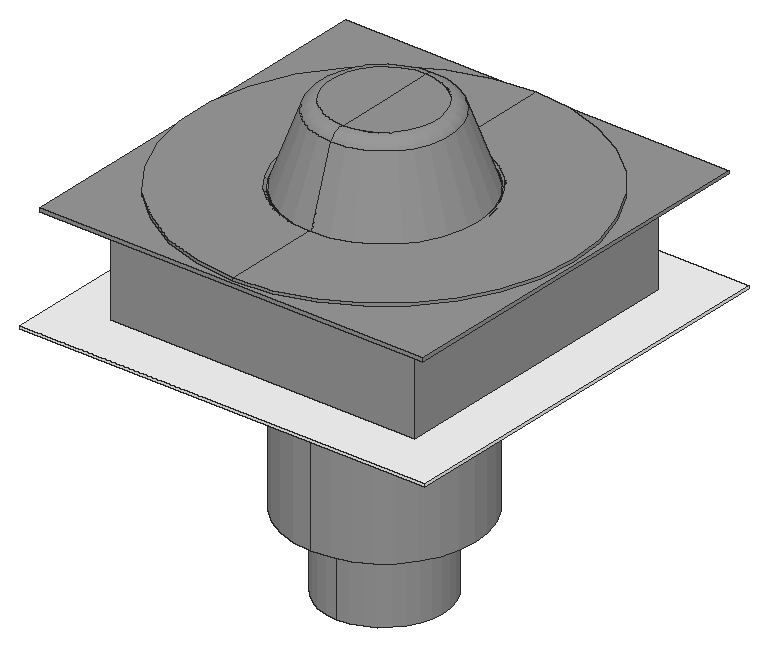
Revit family "HL_Dachablauf_HL63P-B-221103", category Instalační zařizovací předměty, Revit 2021
Family settings
  Kóta kulaté spojky = Použít průměr
  Typ dílu = Normální
  Číslo OmniClass = 23.70.50.21.24.14
  Nadpis OmniClass = Deck Waste Water Drains
  Založené na pracovní rovině = Ne
  Vždy vertikální = Ano
  Ořezat dutým tvarem při načtení = Ne
  Sdílené = Ne
  Bod výpočtu místnosti = Ano
Parameters (values of type "HL_Dachablauf_HL63P_1")
  Výchozí výška = 0 mm
  Výrobce = "HL Hutterer & Lechner GmbH"  # constant formula
  VOLUMENSTROM [instance] = 0.0 L/s
  URL = "http://www.hutterer-lechner.com/de/products/catalog/roof-drains/HL63P/1.aspx"
  RECHTSAUSKUNFT = "Urheberrechte (©), Designrechte und alle anderen Rechte am geistigen Eigentum, sind ausschließlich Eigentum der Firma HL Hutterer&Lechner GmbH. Änderungen sind nicht gestattet. Die Familien (Teile) sind mit Wasserzeichen geschützt."
  MATERIAL = "PP/PVC"
  LEISTUNG = "5,82 l/s"
  GEWICHT = "2,8 [kg]"
  EINLAUFROST = "Laubfangkorb d 145 mm"
  EINBAUHÖHE = "266-326 mm"
  EAN = "9003076816347"
  DURCHMESSER = 110 mm
  DIMENSION = "DN110"
  Abdeckung Material [instance] = none
  Přípoj ventilace = no
  Přípoj odpadních dílů = yes
  Přípoj HW = no
  Přípoj CW = no
  Popis = "Dachabläufe"
  Model = "HL63P_1"
  Assembly Code = " "
  Komentáře k typům = "HL63P/1 Dachablauf DrainBox DN110 mit PVC_Kragen,"
  Keynote = "HL63P_1"
  Einbauhöhe [instance] = 100 mm
  G [instance] = 180.00°  # constant formula
  D [instance] = 236 mm  # constant formula
  C [instance] = if(Einbauhöhe - 68 mm < 0 mm, 0 mm, Einbauhöhe - 68 mm)  # 32 mm
  B [instance] = 100 mm  # constant formula
  A [instance] = if(B - 100 mm > 15 mm, B - 100 mm, 15 mm)  # 15 mm
Types (4, lengths in mm): name | URL | LEISTUNG | GEWICHT | EAN | DURCHMESSER | DIMENSION | Model | Komentáře k typům | Keynote
  (no name) | "http://www.hutterer-lechner.com/de/products/catalog/roof-drains/HL63P/7.aspx" | "6,48 l/s" | "2,78 [kg]" | "9003076806348" | 75 | "DN75" | "HL63P_7" | "HL63P/7 Dachablauf DrainBox DN75 mit PVC_Kragen," | "HL63P_7"
  HL_Dachablauf_HL63P_1 | "http://www.hutterer-lechner.com/de/products/catalog/roof-drains/HL63P/1.aspx" | "5,82 l/s" | "2,8 [kg]" | "9003076816347" | 110 | "DN110" | "HL63P_1" | "HL63P/1 Dachablauf DrainBox DN110 mit PVC_Kragen," | "HL63P_1"
  HL_Dachablauf_HL63P_2 | "http://www.hutterer-lechner.com/de/products/catalog/roof-drains/HL63P/2.aspx" | "9,25 l/s" | "2,82 [kg]" | "9003076826346" | 125 | "DN125" | "HL63P_2" | "HL63P/2 Dachablauf DrainBox DN125 mit PVC_Kragen," | "HL63P_2"
  HL_Dachablauf_HL63P_7 | "http://www.hutterer-lechner.com/de/products/catalog/roof-drains/HL63P/7.aspx" | "6,48 l/s" | "2,78 [kg]" | "9003076806348" | 75 | "DN75" | "HL63P_7" | "HL63P/7 Dachablauf DrainBox DN75 mit PVC_Kragen," | "HL63P_7"
Reference planes
  plane 1 "Center (Front/Back)": y = 0
  plane 2: z = 0
  plane 3 "Center (Left/Right)": x = 0
  plane 4: z = -100
  plane 5: z = -100
Lines and regions (mm)
  model lines, style "InvisibleLines"
    curve 1: line (0, 0, 0) -> (0, 0, 20)
  model lines, style "PlumbingFixtures", detail levels coarse+medium
    curve 2: line (0, 0, -100) -> (0, 0, -85)
    curve 3: line (0, 0, -85) -> (-85, 0, 0)
    curve 4: line (0, 0, -85) -> (85, 0, 0)
    curve 6: line (0, 0, -100) -> (0, 0, -336)
  reference lines, not visible
    curve 5: line (0, 0, -100) -> (0, 0, -336)
  symbolic lines, style "PlumbingFixtures", detail levels coarse+medium
    curve 7: line (-75, 75, 0) -> (75, 75, 0)
    curve 8: line (-75, -75, 0) -> (-75, 75, 0)
    curve 9: line (75, -75, 0) -> (-75, -75, 0)
    curve 10: line (75, 75, 0) -> (75, -75, 0)
    curve 11: line (-75, 75, 0) -> (-145.711, 145.711, 0)
    curve 12: line (75, 75, 0) -> (145.711, 145.711, 0)
    curve 13: line (-75, -75, 0) -> (-145.711, -145.711, 0)
    curve 14: line (75, -75, 0) -> (145.711, -145.711, 0)
  symbolic lines, style "PlumbingFixtures", not visible, detail levels coarse+medium
    curve 15: line (-75, 75, 0) -> (75, 75, 0)
    curve 16: line (-75, -75, 0) -> (-75, 75, 0)
    curve 17: line (75, -75, 0) -> (-75, -75, 0)
    curve 18: line (75, 75, 0) -> (75, -75, 0)
    curve 19: line (-75, 75, 0) -> (-145.711, 145.711, 0)
    curve 20: line (75, 75, 0) -> (145.711, 145.711, 0)
    curve 21: line (-75, -75, 0) -> (-145.711, -145.711, 0)
    curve 22: line (75, -75, 0) -> (145.711, -145.711, 0)
Text (mm)
  text "FLOOR" at (-162.344, 0, -10.979), in view "Drain Construction View"
Dimensions and locks
  "B": plane 2 to plane 4
  "Einbauhöhe": plane 2 to plane 5
  "A": curve 4 to plane 4
  "D": curve 5 to curve 5
  "D": curve 6 to curve 6
  locked: curve 4 to plane 3 "Center (Left/Right)" (angle 45.00°)
  locked: plane 3 "Center (Left/Right)" to curve 3 (angle 45.00°)
  "G": angle curve 5 to plane 3 "Center (Left/Right)"
  aligned and locked: level to plane 2
  aligned and locked: plane 2 to curve 4
  aligned and locked: plane 2 to curve 3
  aligned and locked: plane 4 to curve 5
  aligned and locked: plane 3 "Center (Left/Right)" to curve 5
  aligned and locked: plane 4 to curve 2
  aligned and locked: curve 6 to plane 3 "Center (Left/Right)"
  aligned and locked: curve 6 to plane 4
  aligned and locked: plane 2 to nested 1
  aligned and locked: plane 3 "Center (Left/Right)" to nested 1
  aligned and locked: nested 2 to plane 2
  aligned and locked: nested 2 to plane 3 "Center (Left/Right)"
Automatic sketch dimensions
  curve 2 to plane 3 "Center (Left/Right)" = 0 mm
  curve 1 to plane 3 "Center (Left/Right)" = 0 mm
  curve 1 to level = 0 mm
  level to curve 1 = 20 mm
Nested families
  nested 1: "HL_Zubehör_HL062.1E" at (0, 0, 0), type "HL_Zubehör_HL062.1E"
  nested 2: "HL_Dachablaufkörper_HL63P" at (0, 0, 0), DURCHMESSER <- "DURCHMESSER", EInbauhöhe <- "Einbauhöhe", type "HL_Dachablaufkörper_HL63P"
    with L2 2.5 mm, L 100 mm, IHmin 266 mm, IHmax 326 mm, EInbauhöhe 100 mm, DURCHMESSER 110 mm
Connectors
  piping at (0, 0, -336), diameter 110, driven by "VOLUMENSTROM", driven by "DURCHMESSER"
    settings: on curve 5, index 1, connector inside diameter 609.6 mm, connector length 0 mm, flow factor 0, pipe flow 0.0 L/s, pressure drop 0.0 Pa, fitting loss kfactor 0, connector angle 0.00°, fixture units 0, engagement length 0 mm, angle of deflection 0.00°, flow configuration 1, flow direction 2, fitting loss method 0, system type 16, joint type 0, gender type 0, connector reference index -1, connector utility 0, adjustable connector yes, is connector primary yes, connector description ""
Definition of nested family "HL_Zubehör_HL062.1E"
  Parameters (values of type "HL_Zubehör_HL062.1E")
    Default Elevation = 0 mm
    Manufacturer = "HL Hutterer & Lechner GmbH"
    URL = "http://www.hutterer-lechner.com/de/products/catalog/roof-drains/HL062.1E.aspx"
    Abdeckung Material = none
    RECHTSAUSKUNFT = "Urheberrechte (©), Designrechte und alle anderen Rechte am geistigen Eigentum, sind ausschließlich Eigentum der Firma HL Hutterer&Lechner GmbH. Änderungen sind nicht gestattet. Die Familien (Teile) sind mit Wasserzeichen geschützt."
    Description = "Dachabläufe"
    Model = "HL062.1E"
    Type Comments = "HL062.1E, Laubfangkorb"
    Keynote = "HL062.1E"
    GEWICHT = "0,097 [kg]"
    Volumenstrom [instance] = 0.0 L/s
    EAN = "9003076006212"
    Cost = 0
  Values of the unnamed type that differ from the named types
    Manufacturer = ""
    URL = ""
    RECHTSAUSKUNFT = ""
    Description = ""
    Model = ""
    Type Comments = "HL062.1E, domed plastic grate"
    Keynote = ""
  Reference planes
    plane 1 "Střed (vpředu/vzadu)": y = 0
    plane 2: z = 0
    plane 3 "Střed (vlevo/vpravo)": x = 0
  Forms (mm)
    Revolve 1, solid, detail levels fine
      sketch origin (0, 0, 0) x (0, 1, 0) y (0, 0, 1)
        loop
          line (0, 75) -> (0, 60.2) -> (47.074, 60.2) -> (68.985, 0) -> (86.249, 0) -> (61.992, 66.646)
          arc (61.992, 66.646) -> (56.733, 72.731) -> (49.016, 75) r 14.255
          line (49.016, 75) -> (0, 75)
        axis (0, 75) -> (0, 0)
      angle from 0 to 360
    Extrusion 2, solid, detail levels fine
      sketch origin (0, 0, 0) x (0, 1, 0) y (1, 0, 0)
        loop
          circle (0, 0) r 78.587
        loop
          circle (0, 0) r 70.981
      from 0 to 16.7
    Extrusion 3, solid, detail levels fine
      sketch origin (0, 0, -16.7) x (-1, 0, 0) y (0, 1, 0)
        loop
          circle (0, 0) r 70
        loop
          circle (0, 0) r 74.546
      from 0 to 12.3
  Dimensions and locks
    aligned and locked: level to plane 2
Definition of nested family "HL_Dachablaufkörper_HL63P"
  Parameters (values of type "HL_Dachablaufkörper_HL63P")
    Default Elevation = 0 mm
    Manufacturer = ""
    URL = ""
    Description = ""
    Model = ""
    L2 [instance] = if((L = 0 mm), 0 mm, 2.5 mm)  # 2.5 mm
    L [instance] = if(EInbauhöhe < (IHmin - 166 mm), 0 mm, if(EInbauhöhe > (IHmax - 166 mm) + 0.1 mm, 0 mm, EInbauhöhe + 0 mm))  # 100 mm
    Type Comments = ""
    EInbauhöhe [instance] = 100 mm
    IHmin [instance] = 266 mm
    IHmax [instance] = 326 mm
    DURCHMESSER [instance] = 75 mm
    Cost = 0
  Reference planes
    plane 1 "Střed (vpředu/vzadu)": y = 0
    plane 2: z = 0
    plane 3 "Střed (vlevo/vpravo)": x = 0
  Forms (mm)
    Revolve 1, solid, detail levels fine
      sketch origin (0, 0, 0) x (0, 1, 0) y (0, 0, 1)
        loop
          line (177, 1.144) -> (177, 3.67) -> (88.522, 3.67) -> (86.558, 1.706) -> (79.01, 1.706) -> (79.01, -18.294) -> (74.055, -23.249) -> (74.055, -24.356) -> (76.657, -24.356) -> (81.582, -19.43) -> (81.582, -9.356) -> (87.892, 1.144) -> (177, 1.144)
        axis (0, 3.67) -> (0, -24.356)
      angle from 0 to 360
    Revolve 2, solid, detail levels fine
      sketch origin (0, 0, 0) x (0, 1, 0) y (0, 0, 1)
        loop
          line (0, -271.029) -> (63.66, -271.029) -> (63.66, -265.5) -> (85.395, -265.5) -> (85.395, -99.5) -> (85.395, -20.95) -> (82.039, -20.95) -> (82.039, -28.034) -> (77.039, -28.034) -> (77.039, -38.034) -> (59.456, -79.457) -> (59.456, -95.75) -> (0, -95.75) -> (0, -271.029)
        axis (0, -20.95) -> (0, -271.029)
      angle from 0 to 360
    Extrusion 3, solid, detail levels fine
      sketch origin (0, 0, 0) x (1, 0, 0) y (0, 1, 0)
        loop
          line (179, 179) -> (-179, 179) -> (-179, -179) -> (179, -179) -> (179, 179)
        loop
          circle (0, 0) r 88.522
      from 0 to -3
    Extrusion 4, solid, detail levels fine
      sketch origin (0, 0, -3) x (0, 1, 0) y (1, 0, 0)
        loop
          line (142, -142) -> (142, 142) -> (-142, 142) -> (-142, -142) -> (142, -142)
        loop
          line (132.75, -132.75) -> (132.75, 135.25) -> (-134, 135.25) -> (-134, -132.75) -> (132.75, -132.75)
      from 0 to 94
    Extrusion 5, solid, detail levels fine
      sketch origin (0, 189, -100) x (0, -1, 0) y (1, 0, 0)
        loop
          line (0, 189) -> (0, -189) -> (378, -189) -> (378, 189) -> (0, 189)
      from 0 to 2.5 <- "L2"
    Extrusion 6, solid, detail levels fine
      sketch origin (0, -0.505, -100) x (0, -1, 0) y (1, 0, 0)
        loop
          line (133.495, -132.75) -> (133.495, 135.25) -> (-133.255, 135.25) -> (-133.255, -132.75) -> (133.495, -132.75)
        loop
          line (-122.38, 123.112) -> (-122.38, -123.679) -> (122.62, -123.679) -> (122.62, 123.112) -> (-122.38, 123.112)
      from 2.5 to 62.5
    Extrusion 7, solid, detail levels fine
      sketch origin (0, 0, -271.029) x (0, 1, 0) y (1, 0, 0)
        loop
          circle (0, 0) r 37.5
      from 0 to 65
  Lines and regions (mm)
    reference lines, not visible
      curve 1: line (0, 189, -100) -> (0, -371, -100)
  Dimensions and locks
    "L": curve 1 to plane 2
    "DURCHMESSER": diameter of Extrusion 7 sketch curve
    aligned and locked: level to plane 2
  Automatic sketch dimensions
    Revolve 1 sketch curve to plane 1 "Střed (vpředu/vzadu)" = 0 mm
    Revolve 1 sketch curve to level = 24.356 mm
    Revolve 1 sketch curve to plane 1 "Střed (vpředu/vzadu)" = 74.055 mm
    Revolve 1 sketch curve to Revolve 1 sketch curve = 2.602 mm
    Revolve 1 sketch curve to Revolve 1 sketch curve = 2.353 mm
    Revolve 1 sketch curve to level = 9.356 mm
    Revolve 1 sketch curve to Revolve 1 sketch curve = 2.572 mm
    level to Revolve 1 sketch curve = 1.706 mm
    Revolve 1 sketch curve to Revolve 1 sketch curve = 7.548 mm
    level to Revolve 1 sketch curve = 1.144 mm
    Revolve 1 sketch curve to Revolve 1 sketch curve = 1.334 mm
    level to Revolve 1 sketch curve = 3.67 mm
    Revolve 1 sketch curve to Revolve 1 sketch curve = 0.63 mm
    Revolve 1 sketch curve to Revolve 1 sketch curve = 88.478 mm
    Revolve 1 sketch curve to Revolve 1 sketch curve = 1.107 mm
    Revolve 1 sketch curve to Revolve 1 sketch curve = 4.926 mm
    Revolve 1 sketch curve to Revolve 1 sketch curve = 1.136 mm
    Revolve 1 sketch curve to Revolve 1 sketch curve = 275.644 mm
    level to Revolve 1 sketch curve = 300 mm
    plane 1 "Střed (vpředu/vzadu)" to Extrusion 3 sketch curve = 0 mm
    Extrusion 3 sketch curve to plane 3 "Střed (vlevo/vpravo)" = 0 mm
    Extrusion 3 sketch curve to plane 3 "Střed (vlevo/vpravo)" = 179 mm
    plane 3 "Střed (vlevo/vpravo)" to Extrusion 3 sketch curve = 179 mm
    plane 1 "Střed (vpředu/vzadu)" to Extrusion 3 sketch curve = 179 mm
    Extrusion 3 sketch curve to plane 1 "Střed (vpředu/vzadu)" = 179 mm
    Extrusion 3 to Extrusion 4 sketch curve = 37 mm  (x2)
    Extrusion 4 sketch curve to Extrusion 4 sketch curve = 8 mm
    Extrusion 3 to Extrusion 4 sketch curve = 46.25 mm  (x2)
    Extrusion 4 sketch curve to Extrusion 4 sketch curve = 9.25 mm  (x2)
    Extrusion 4 sketch curve to Extrusion 4 sketch curve = 6.75 mm
    Extrusion 5 sketch curve to curve 1 = 0 mm
    Extrusion 5 sketch curve to curve 1 = 189 mm
    curve 1 to Extrusion 5 sketch curve = 189 mm
    Extrusion 5 sketch curve to curve 1 = 182 mm
    Extrusion 5 to Extrusion 6 sketch curve = 56.25 mm  (x2)
    Extrusion 6 sketch curve to Extrusion 6 sketch curve = 10.875 mm  (x2)
    Extrusion 5 to Extrusion 6 sketch curve = 65.875 mm
    Extrusion 6 sketch curve to Extrusion 6 sketch curve = 9.071 mm
    Extrusion 5 to Extrusion 6 sketch curve = 65.888 mm
    Extrusion 6 sketch curve to Extrusion 6 sketch curve = 12.138 mm
    Revolve 2 sketch curve to plane 1 "Střed (vpředu/vzadu)" = 0 mm  (x2)
    Revolve 2 sketch curve to plane 1 "Střed (vpředu/vzadu)" = 59.456 mm
    Revolve 2 sketch curve to plane 1 "Střed (vpředu/vzadu)" = 63.66 mm
    Revolve 2 sketch curve to level = 38.034 mm
    Revolve 2 sketch curve to Revolve 2 sketch curve = 17.583 mm
    Revolve 2 sketch curve to Revolve 2 sketch curve = 5 mm
    Revolve 2 sketch curve to Revolve 2 sketch curve = 3.356 mm
    Revolve 2 sketch curve to Revolve 2 sketch curve = 41.423 mm
    Revolve 2 sketch curve to Revolve 2 sketch curve = 16.293 mm
    Revolve 2 sketch curve to Revolve 2 sketch curve = 3.75 mm
    Revolve 2 sketch curve to Revolve 2 sketch curve = 166 mm
    Revolve 2 sketch curve to Revolve 2 sketch curve = 5.529 mm
    Revolve 2 sketch curve to Revolve 2 sketch curve = 10 mm
    Revolve 2 sketch curve to Revolve 2 sketch curve = 7.084 mm
    Revolve 2 sketch curve to Revolve 2 sketch curve = 0 mm
    level to Revolve 2 sketch curve = 300 mm
    plane 1 "Střed (vpředu/vzadu)" to curve 1 = 371 mm
    curve 1 to plane 1 "Střed (vpředu/vzadu)" = 189 mm
    Extrusion 7 sketch curve to Revolve 2 = 0 mm
    radius of Extrusion 3 sketch curve = 88.522 mm
